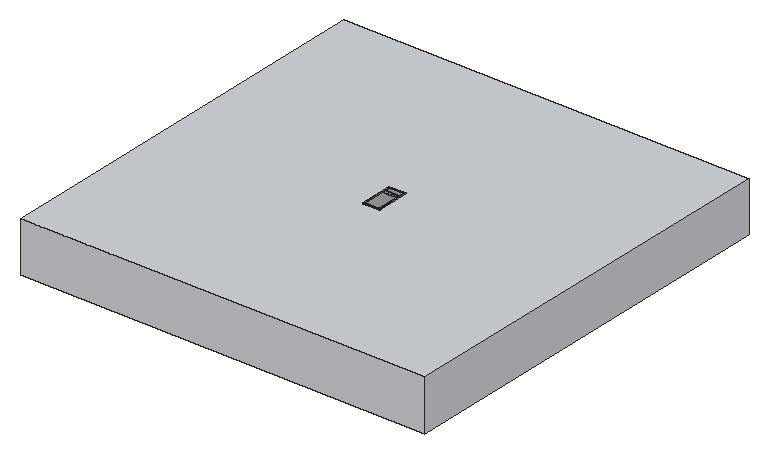
Revit family "LAMP_TRACE 200 IP65", category Modelos genéricos, Revit 2015
Parameters (values of type "92LM 3000 BLACK")
  Weight = 1.182 kg
  Type = "MID POWER OSRAM"
  Recessed dimensions = "107 x 135 x 212"
  Protection rating = "IP65 / IK07"
  Product datasheet = "http://www.lamp.es/product-files/TECH/TC120H0265AS830NB-EN.pdf"
  Product code = "TC120H0265AS830NB"
  Product URL = "https://www.lamp.es/en/family/trace-ip65_40800"
  Power Supply = "100-240V 50-60Hz"
  Power = 1 W
  Plum = 2.5 W
  Photometric web file = Cuerpo Trace 200 : 92LM 3000 BLACK
  Modelo = Product code  # "TC120H0265AS830NB"
  Manufacturer name = "LAMP"
  Manufacturer country = "Spain"
  Manufacturer URL = "http://www.lamp.es/en"
  MacAdam = "<3"
  Luminaire type = "Outdoor - Wall Mounted"
  Last update = "13/11/2020"
  Lamp = "MID-POWER LED"
  LED Lifetime = "100.000 L90 B10"
  Insulation class = "I"
  Installation instructions = "https://www.lamp.es/product-files/INS/1003820-A-INSTR.%20TRACE%20-%20IP%2065.pdf"
  Initial intensity = 92 lm
  Initial color = 3000 K
  IEE = "A++"
  Gear = "Electronic"
  Finish = "Cataphoresis"
  Fabricante = Manufacturer name  # "LAMP"
  Default Elevation = 1219.2 mm
  Efficacy = 36.8 lm/W
  Dimensions = "105 x 111 x 204"
  Descripción = "TRACE IP65 200 HOR 70 WW BK."
  CRI = "80"
Types (3, lengths in mm): name | Weight | Product datasheet | Product code | Power | Plum | Modelo | Initial intensity | Efficacy | Descripción
  92LM 3000 BLACK | 1.182 kg | "http://www.lamp.es/product-files/TECH/TC120H0265AS830NB-EN.pdf" | "TC120H0265AS830NB" | 1 W | 2.5 W | "TC120H0265AS830NB" | 92 lm | 36.8 lm/W | "TRACE IP65 200 HOR 70 WW BK."
  94LM 3000 BLACK | 1.182 kg | "http://www.lamp.es/product-files/TECH/TC120V0265AS830NB-EN.pdf" | "TC120V0265AS830NB" | 1 W | 2.5 W | "TC120V0265AS830NB" | 94 lm | 37.6 lm/W | "TRACE IP65 200 VERT 70 WW BK."
  156LM 3000 BLACK | 1.204 kg | "http://www.lamp.es/product-files/TECH/TC120V0265SY830NB-EN.pdf" | "TC120V0265SY830NB" | 3 W | 4.1 W | "TC120V0265SY830NB" | 156 lm | 38 lm/W | "TRACE IP65 200 VERT 120 WW BK."
Reference planes
  plane 1 "Centro (Frontal/Posterior)": y = 0
  plane 2: z = 0
  plane 3 "Centro (Izquierda/Derecha)": x = 0
Forms (mm)
  Extrusion 1, solid
    sketch origin (0, 0, 0) x (1, 0, 0) y (0, 1, 0)
      loop
        line (-1219.2, 1219.2) -> (-1219.2, -1219.2) -> (1219.2, -1219.2) -> (1219.2, 1219.2) -> (-1219.2, 1219.2)
    from 0 to -304.8
Text (mm)
  text "Any modification of the parameters and properties of the LAMP BIM models must be executed and validated by the LAMP technical department.\n\nPhone: +34 93 736 68 00\n\nE-mail: lamp@lamp.es\n\n\n\nLAMP reserves the right to modify the technical specifications of its products." at (12917.371, 14283.42, -14022.346), in view "Preview"
Dimensions and locks
  aligned and locked: plane 2 to Extrusion 1
  aligned and locked: level to Extrusion 1
Nested families
  nested 1: "Cuerpo Trace 200" at (0, 0, 1523.2) x (-1, 0, 0) z (0, 0, -1), type <- "Photometric web file", type "92LM 3000 BLACK"
Connectors
  electrical at (0, 0, -75.8)
    settings: on nested 1, index 1, voltage 230 V, apparent load 0 VA, apparent load phase1 0 VA, apparent load phase2 0 VA, apparent load phase3 0 VA, power factor 1, load classification "Otro", number of poles 1, system type 31, power factor state 1, is connector primary yes, connector utility no, sub classification motor no, connector description ""
Definition of nested family "Cuerpo Trace 200"
  Parameters (values of type "92LM 3000 BLACK")
    Tilt Angle = 90.00°
    Vis. Vertical 2 = no
    Vis. Vertical 1 = no
    Vis. Horizontal = yes
    Wattage = 2.5 W
    built-in parameter 1150110 = 1 (stored number, unit not read)
    Material cuerpo = none
    Material cristal transparente = none
    Material cristal serigrafiado = none
    built-in parameter 1114217 = 1 (stored number, unit not read)
    built-in parameter 1150109 = 1 (stored number, unit not read)
    Default Elevation = 1219.2 mm
    built-in parameter 1150134 = (empty or 0)
    built-in parameter 1150113 = 1 (stored number, unit not read)
    Lumens = 92 lm
    built-in parameter 1150115 = 1 (stored number, unit not read)
    built-in parameter 1150105 = 30.982 (stored number, unit not read)
    built-in parameter 1150137 = (empty or 0)
    built-in parameter 1150139 = (empty or 0)
    built-in parameter 1150112 = 1 (stored number, unit not read)
    built-in parameter 1150114 = 1 (stored number, unit not read)
    built-in parameter 1150132 = 2
    built-in parameter 1150102 = (empty or 0)
    built-in parameter 1150138 = (empty or 0)
    built-in parameter 1150107 = 3000 (stored number, unit not read)
    built-in parameter 1150106 = 0.30982 (stored number, unit not read)
    built-in parameter 1150104 = 3.4188 (stored number, unit not read)
    Dimming Lamp Color Temperature Shift = (empty or 0)
    Color Filter = 16777215
    built-in parameter 1114218 = 1 (stored number, unit not read)
    Photometric Web File = "5641612_90.IES"
    built-in parameter 1150133 = 10 (stored number, unit not read)
  Types (4, lengths in mm): name | Vis. Vertical 2 | Vis. Vertical 1 | Vis. Horizontal | Wattage | Lumens | built-in parameter 1150105 | built-in parameter 1150106 | built-in parameter 1150104 | Photometric Web File
    (no name) | no | no | yes | 2.5 W | 92 lm | 30.982 (stored number, unit not read) | 0.30982 (stored number, unit not read) | 3.4188 (stored number, unit not read) | "5641612_90.IES"
    92LM 3000 BLACK | no | no | yes | 2.5 W | 92 lm | 30.982 (stored number, unit not read) | 0.30982 (stored number, unit not read) | 3.4188 (stored number, unit not read) | "5641612_90.IES"
    94LM 3000 BLACK | no | yes | no | 2.5 W | 94 lm | 34.33 (stored number, unit not read) | 0.3433 (stored number, unit not read) | 3.4932 (stored number, unit not read) | "5641622_90.IES"
    156LM 3000 BLACK | yes | no | no | 4.1 W | 155.8 lm | 55.229 (stored number, unit not read) | 0.55229 (stored number, unit not read) | 3.5303 (stored number, unit not read) | "5641632_90.IES"
  Reference planes
    plane 1 "Eje de origen de luz (F/P)": y = 0
    plane 2: z = 0
    plane 3 "Eje de origen de luz (I/D)": x = 0
    plane 4 "Elevación de origen de luz": z = 1500
  Forms (mm)
    Extrusion 1, solid, material <- "Material cristal serigrafiado", visible <- "Vis. Horizontal"
      sketch origin (0, 0, 0) x (1, 0, 0) y (0, 0, 1)
        loop
          line (-51, 1520) -> (51, 1520) -> (51, 1523.2) -> (-51, 1523.2) -> (-51, 1520)
      from -101 to 101
    Extrusion 2, solid, material <- "Material cuerpo"
      sketch origin (0, 0, 0) x (1, 0, 0) y (0, 0, 1)
        loop
          line (-43.75, 1523.2) -> (43.75, 1523.2) -> (43.75, 1599) -> (-43.75, 1599) -> (-43.75, 1523.2)
      from -93.75 to 93.75
    Extrusion 3, void
      sketch origin (0, 0, 1500) x (0, -1, 0) y (1, 0, 0)
        loop
          line (-61.6, -43.75) -> (-61.6, 43.75) -> (-93.75, 43.75) -> (-93.75, 0) -> (-93.75, -43.75) -> (-61.6, -43.75)
        loop
          line (93.75, -43.75) -> (93.75, 43.75) -> (-38.4, 43.75) -> (-43.75, 43.75) -> (-43.75, 0) -> (-43.75, -43.75) -> (93.75, -43.75)
      from 20 to 23.2
    Extrusion 4, solid, material <- "Material cristal transparente", visible <- "Vis. Horizontal"
      sketch origin (0, 0, 1500) x (0, -1, 0) y (1, 0, 0)
        loop
          line (-93.75, 0) -> (-93.75, -43.75) -> (-61.6, -43.75) -> (-61.6, 43.75) -> (-93.75, 43.75) -> (-93.75, 0)
        loop
          line (-43.75, 0) -> (-43.75, -43.75) -> (93.75, -43.75) -> (93.75, 43.75) -> (-43.75, 43.75) -> (-43.75, 0)
      from 20 to 23.2
    Extrusion 5, solid
      sketch origin (0, -50.156, 1500) x (0, -1, 0) y (1, 0, 0)
        loop
          line (50.364, -27.963) -> (44.636, -27.963)
          arc (44.636, -27.963) -> (44.317, -28.281) -> (44.636, -28.6) r 0.319
          line (44.636, -28.6) -> (49.44, -28.6) -> (49.44, -29.863) -> (44.759, -31.473)
          arc (44.759, -31.473) -> (44.351, -32.043) -> (44.759, -32.614) r 0.603
          line (44.759, -32.614) -> (49.487, -34.24)
          arc (49.487, -34.24) -> (49.729, -34.646) -> (49.368, -34.952) r 0.366
          line (49.368, -34.952) -> (44.938, -34.952)
          arc (44.938, -34.952) -> (44.296, -35.414) -> (44.53, -36.17) r 0.678
          line (44.53, -36.17) -> (45.547, -37.187) -> (44.53, -38.204)
          arc (44.53, -38.204) -> (44.296, -38.96) -> (44.938, -39.422) r 0.678
          line (44.938, -39.422) -> (49.44, -39.422) -> (49.44, -40.668) -> (44.351, -40.668) -> (44.351, -43.855) -> (47.219, -43.855) -> (47.219, -41.699)
          arc (47.219, -41.699) -> (46.901, -41.38) -> (46.582, -41.699) r 0.319
          line (46.582, -41.699) -> (46.582, -43.218) -> (44.989, -43.218) -> (44.989, -41.306) -> (50.364, -41.306) -> (50.364, -38.774) -> (45.029, -38.774) -> (46.616, -37.187) -> (45.029, -35.6) -> (50.323, -35.6) -> (50.323, -33.854) -> (45.061, -32.043) -> (50.364, -30.219) -> (50.364, -27.963)
      from 19 to 20
    Extrusion 6, void
      sketch origin (0, 0, 0) x (0, 1, 0) y (0, 0, 1)
        loop
          arc (50, 1555.912) -> (46.318, 1555.7) -> (42.684, 1555.065) r 32
          line (42.684, 1555.065) -> (-93, 1523.2) -> (-93, 1518.171) -> (92, 1518.171) -> (92, 1524.179)
          arc (92, 1524.179) -> (91.332, 1523.251) -> (90.239, 1523.59) r 0.979
          line (90.239, 1523.59) -> (74.354, 1544.67)
          arc (74.354, 1544.67) -> (63.412, 1552.966) -> (50, 1555.912) r 32
      from -42.628 to 42.64
    Extrusion 7, solid, material <- "Material cristal serigrafiado", visible <- "Vis. Vertical 1"
      sketch origin (-150, 0, 1500) x (0, -1, 0) y (1, 0, 0)
        loop
          line (-101, 201) -> (-101, 99) -> (101, 99) -> (101, 201) -> (-101, 201)
        loop
          line (0, 106.25) -> (93.75, 106.25) -> (93.75, 193.75) -> (-93.75, 193.75) -> (-93.75, 161.6) -> (-9.75, 161.6) -> (-9.75, 138.4) -> (-93.75, 138.4) -> (-93.75, 106.25) -> (0, 106.25)
      from 20 to 23.2
    Extrusion 8, solid, material <- "Material cristal transparente", visible <- "Vis. Vertical 1"
      sketch origin (-150, 0, 1500) x (0, -1, 0) y (1, 0, 0)
        loop
          line (-93.75, 106.25) -> (0, 106.25) -> (93.75, 106.25) -> (93.75, 193.75) -> (-93.75, 193.75) -> (-93.75, 161.6) -> (-9.75, 161.6) -> (-9.75, 138.4) -> (-93.75, 138.4) -> (-93.75, 106.25)
      from 20 to 23.2
    Extrusion 9, solid, material <- "Material cristal serigrafiado", visible <- "Vis. Vertical 2"
      sketch origin (-150, 0, 1500) x (0, -1, 0) y (1, 0, 0)
        loop
          line (-101, 201) -> (-101, 99) -> (101, 99) -> (101, 201) -> (-101, 201)
        loop
          line (0, 106.25) -> (93.75, 106.25) -> (93.75, 138.4) -> (-93.75, 138.4) -> (-93.75, 106.25) -> (0, 106.25)
        loop
          line (93.75, 161.6) -> (93.75, 193.75) -> (-93.75, 193.75) -> (-93.75, 161.6) -> (93.75, 161.6)
      from 20 to 23.2
    Extrusion 10, solid, material <- "Material cristal transparente", visible <- "Vis. Vertical 2"
      sketch origin (-150, 0, 1500) x (0, -1, 0) y (1, 0, 0)
        loop
          line (-93.75, 106.25) -> (0, 106.25) -> (93.75, 106.25) -> (93.75, 138.4) -> (-93.75, 138.4) -> (-93.75, 106.25)
        loop
          line (93.75, 161.6) -> (93.75, 193.75) -> (-93.75, 193.75) -> (-93.75, 161.6) -> (93.75, 161.6)
      from 20 to 23.2
  Cuts and joins
    Extrusion 3 cuts Extrusion 1
    Extrusion 6 cuts Extrusion 2
  Dimensions and locks
    aligned and locked: plane 3 "Eje de origen de luz (I/D)" to imposter light
    aligned and locked: plane 1 "Eje de origen de luz (F/P)" to imposter light
    aligned and locked: plane 4 "Elevación de origen de luz" to imposter light
    aligned and locked: level to plane 2
